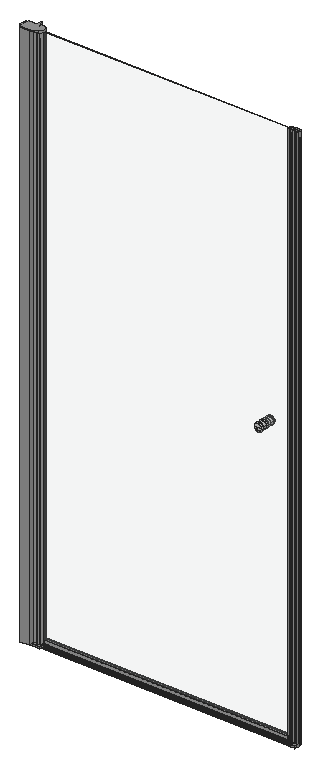
Revit family "Sanitary_Shower-screens_Duscholux_Giro_Pivot-door-shower", category Plumbing Fixtures, Revit 2016
Family settings
  Part Type = Normal
  Round Connector Dimension = Use Diameter
  OmniClass Number = 23.45.00.00
  OmniClass Title = Sanitary, Laundry, and Cleaning Equipment
  Work Plane-Based = No
  Always vertical = Yes
  Cut with Voids When Loaded = No
  Shared = No
  Room Calculation Point = No
Parameters (values of type "Shiny silver Finish")
  Width = 900 mm
  Uniclass 2015 Description = "Shower Enclosures"
  Uniclass 2015 Code = "PR-40-20-06-79"
  URL = "http://www.duscholux.es/"
  UNSPSC Code = "30181507"
  Thickness Glass = 5 mm  # constant formula
  Technical Inspection Certificate (Applus) = "http://www.duscholux.es/resources/custom/var/APPLUS_en.pdf"
  Series = "Plus Evolution Giro"
  Region South America = "Consult"
  Region Oceania = "Consult"
  Region North America = "Consult"
  Region Middle East = "Consult"
  Region Europe = "AD, ES, FR, PT"
  Region Asia = "Consult"
  Region Antartica = "Consult"
  Region Africa = "Consult"
  Ref. = "7UI / 7UD"
  Products = "http://www.duscholux.es/mamparas_filtro.aspx?es"
  Product group = "Front for shower"
  Product family = "Plus Evolution Giro"
  Opening System Image = "http://blob.duscholux.es/pluma512/FDIzq1pabatible180.gif"
  Opening System = "Pivot Door"
  Opening angle = 0.00°
  Net Weight (Kg) = 20
  NBS Reference Description = "Shower Enclosures"
  NBS Reference Code = "45-35-70"
  Model = ""
  Min Max Width = if(Width < 500 mm, 500 mm, if(Width > 1100 mm, 1100 mm, Width))  # 900 mm
  Max Height = if(Height > 2000 mm, 2000 mm, Height)  # 1800 mm
  Manufacturer name = "Duscholux Ibérica, S.A."
  Manufacturer country = "Spain"
  Maintenance and Cleaning = "http://www.duscholux.es/mamparas_limpieza.aspx?en"
  Image = "http://www.duscholux.es/resources/custom/img/mamparas/PLUS%20EVOLUTION%20GIRO/modelos/1F1PFDA/mampara_h.jpg"
  IFC Classification = "Furnishing Element"
  Height = 1800 mm
  Handle Material = Matt Silver Aluminium Finish
  Handle Height = Max Height / 2  # 900 mm
  Glass in Building UNE EN 12150 = "CE Conformity marking"
  Glass Material = Glass_Material-Duscholux
  Frame Material = Shiny Silver  Aluminium Finish
  Fact Sheet = "http://blob.duscholux.es/enpdf2018/Giro1PFD.pdf"
  Manufacturer = "Duscholux Ibérica, S.A."
  Environmental Management ISO 14001 = "ECOEMBES Certificate"
  Edition number = "1"
  Door aperture = Min Max Width - 21 mm - 56.6 mm  # 822.4 mm
  Design country = "Spain / Germany"
  Description = "Front 1 pivot door at 180° for shower"
  Date of publishing = ""
  Assembly Code = "C1030200"
  Configuration enclosure = "http://configuratumampara.duscholux.es/eCatalogo.aspx"
  Components = "Eropean components"
  Type Comments = ""
  Combinations = "Lateral 90° / Lateral180°"
  Certified Quality UNE EN 14428 = "http://www.duscholux.es/duscholux_downloads.aspx?es"
  COBIe Type Category = ""
  Brand = "Duscholux"
  Accesories Material = Plastic, Gray
Types (4, lengths in mm): name | Width | Min Max Width | Max Height | Height | Handle Material | Handle Height | Frame Material | Door aperture | Accesories Material
  (no name) | 900 | 900 | 1800 | 1800 | Matt Silver Aluminium Finish | 900 | Shiny Silver  Aluminium Finish | 822.4 | Plastic, Gray
  Shiny silver Finish | 900 | 900 | 1800 | 1800 | Matt Silver Aluminium Finish | 900 | Shiny Silver  Aluminium Finish | 822.4 | Plastic, Gray
  White Aluminium Finish | 850 | 850 | 1800 | 1800 | White Finish | 900 | White Aluminium Finish | 772.4 | White Finish
  Silver Matt Aluminium Finish | 1400 | 1100 | 2000 | 2000 | Matt Silver Aluminium Finish | 1000 | Matt Silver Aluminium Finish | 1022.4 | Plastic, Gray
Reference planes
  plane 1 "Centro (Frontal/Posterior)": y = 0
  plane 2: z = 0
  plane 3 "Centro (Izquierda/Derecha)": x = 0
  plane 4: x = 56.584
  plane 5: z = 1800
  plane 6: x = 900
  plane 7: z = 900
  plane 8: z = 0
  plane 9: z = 8
  plane 10: y = -15.3
  plane 11: x = 879
  plane 12: z = 1796
Forms (mm)
  Extrusion 1, solid, material "Glass_Material-Duscholux" <- "Glass Material"
    sketch origin (59.749, 15.3, 0) x (1, 0, 0) y (0, 1, 0)
      loop
        line (-0.257, -12.8) -> (-0.257, -17.8) -> (810.851, -17.8) -> (810.851, -12.8) -> (-0.257, -12.8)
    from 8 to 1792
  Extrusion 2, solid, material "Shiny Silver  Aluminium Finish" <- "Frame Material"
    sketch origin (-940.158, -579.127, 0) x (1, 0, 0) y (0, 1, 0)
      loop
        line (942.91, 587.017) -> (971.16, 587.017) -> (971.16, 588.517) -> (940.158, 588.517) -> (940.158, 587.017) -> (941.408, 587.017) -> (941.408, 566.817) -> (940.158, 566.817) -> (940.158, 565.317) -> (971.16, 565.317) -> (971.16, 566.817) -> (942.91, 566.817) -> (942.91, 587.017)
    from 0 to 1792
  Extrusion 3, solid, material "Shiny Silver  Aluminium Finish" <- "Frame Material"
    sketch origin (-390.95, 0.5, 0) x (1, 0, 0) y (0, 1, 0)
      loop
        line (1290.95, 3.5) -> (1278.95, 3.5) -> (1278.95, -4.5) -> (1290.95, -4.5) -> (1290.95, 3.5)
      loop
        line (1280.45, -3) -> (1289.45, -3) -> (1289.45, 2) -> (1280.45, 2) -> (1280.45, -3)
    from 0 to 1792
  Extrusion 4, solid, material "Plástico, transparente"
    sketch origin (-390.95, 0.5, 0) x (1, 0, 0) y (0, 1, 0)
      loop
        arc (1274.458, 6.25) -> (1271.362, 5.707) -> (1269.95, 2.898) r 3.5
        line (1269.95, 2.898) -> (1269.95, -3.898)
        arc (1269.95, -3.898) -> (1271.362, -6.707) -> (1274.458, -7.25) r 3.5
        line (1274.458, -7.25) -> (1279.376, -5.771) -> (1285.217, -5.771)
        arc (1285.217, -5.771) -> (1286.098, -5.396) -> (1286.436, -4.5) r 1.22
        line (1286.436, -4.5) -> (1278.95, -4.5) -> (1278.95, 3.5) -> (1286.436, 3.5)
        arc (1286.436, 3.5) -> (1286.098, 4.396) -> (1285.217, 4.771) r 1.22
        line (1285.217, 4.771) -> (1279.376, 4.771) -> (1274.458, 6.25)
    from 0 to 1792
  Extrusion 5, solid, material "Shiny Silver  Aluminium Finish" <- "Frame Material"
    sketch origin (36.988, 0, 0) x (1, 0, 0) y (0, 1, 0)
      loop
        line (32.341, 4.857) -> (24.744, 8.929)
        arc (24.744, 8.929) -> (9.363, 0.084) -> (24.744, -8.76) r 10.234
        line (24.744, -8.76) -> (32.341, -4.689) -> (32.341, -3.689) -> (22.503, -3.689) -> (22.503, 3.857) -> (32.341, 3.857) -> (32.341, 4.857)
      loop
        circle (19.596, 0.084) r 1.482
    from 0 to 1792
  Extrusion 6, solid, material "Shiny Silver  Aluminium Finish" <- "Frame Material"
    sketch origin (-147.769, -645.801, 0) x (1, 0, 0) y (0, 1, 0)
      loop
        line (182.621, 656.691) -> (156.121, 656.691) -> (156.121, 655.191) -> (181.251, 655.191) -> (181.251, 631.991) -> (154.321, 631.991) -> (154.321, 624.931) -> (187.171, 624.931) -> (187.171, 633.301) -> (190.62, 633.301) -> (196.125, 639.801)
        arc (196.125, 639.801) -> (194.12, 645.786) -> (196.009, 651.809) r 10.234
        line (196.009, 651.809) -> (190.62, 659.801) -> (190.62, 660.824) -> (188.993, 670.05) -> (186.271, 674.341) -> (182.621, 674.341) -> (182.621, 656.691)
    from 0 to 1792
  Extrusion 7, solid, material "Plástico, transparente"
    sketch origin (197.351, -62.856, 0) x (1, 0, 0) y (0, 1, 0)
      loop
        line (668.212, 65.711) -> (673.249, 65.711) -> (673.249, 60.001) -> (668.212, 60.001) -> (668.212, 59.001) -> (672.536, 59.001)
        arc (672.536, 59.001) -> (676.014, 56.681) -> (680.196, 56.63) r 7.362
        arc (680.196, 56.63) -> (681.247, 57.346) -> (681.649, 58.553) r 1.989
        line (681.649, 58.553) -> (681.649, 67.159)
        arc (681.649, 67.159) -> (681.24, 68.371) -> (680.18, 69.087) r 2
        arc (680.18, 69.087) -> (676.006, 69.031) -> (672.536, 66.711) r 7.349
        line (672.536, 66.711) -> (668.212, 66.711) -> (668.212, 65.711)
    from 0 to 1792
  Extrusion 8, solid, material "Plastic, Gray" <- "Accesories Material"
    sketch origin (0, 0, 0) x (1, 0, 0) y (0, 1, 0)
      loop
        line (900, 4) -> (888, 4) -> (888, -4) -> (900, -4) -> (900, 4)
    from 1792 to 1796
  Extrusion 9, solid, material "Shiny Silver  Aluminium Finish" <- "Frame Material", detail levels medium+fine
    sketch origin (0, 32.415, 0) x (0, 1, 0) y (0, 0, 1)
      loop
        line (-48.975, 0) -> (-39.375, 0) -> (-39.375, 3)
        arc (-39.375, 3) -> (-39.96, 4.414) -> (-41.375, 5) r 2
        line (-41.375, 5) -> (-46.975, 5)
        arc (-46.975, 5) -> (-48.389, 4.414) -> (-48.975, 3) r 2
        line (-48.975, 3) -> (-48.975, 0)
    from 69.329 to 886
  Extrusion 10, solid, material "Plastic, Gray" <- "Accesories Material", detail levels medium+fine
    sketch origin (0, 0, 0) x (1, 0, 0) y (0, 1, 0)
      loop
        line (39.402, -18) -> (69.329, -18) -> (69.329, -4.689) -> (61.425, -8.932)
        arc (61.425, -8.932) -> (54.344, -9.901) -> (48.356, -6) r 10.234
        line (48.356, -6) -> (42.851, -12.5) -> (39.402, -12.5) -> (39.402, -18)
    from 0 to 6
  Extrusion 11, solid, material "Plastic, Gray" <- "Accesories Material", detail levels medium+fine
    sketch origin (0, 0, 0) x (1, 0, 0) y (0, 1, 0)
      loop
        arc (888.886, -5.45) -> (888.461, -6.475) -> (887.436, -6.9) r 1.45
        line (887.436, -6.9) -> (886, -6.9) -> (886, -18) -> (898, -18)
        arc (898, -18) -> (899.414, -17.414) -> (900, -16) r 2
        line (900, -16) -> (900, -4) -> (888.886, -4) -> (888.886, -5.45)
    from 0 to 6
  Extrusion 12, solid, material "Plastic, Gray" <- "Accesories Material"
    sketch origin (-183.4, 0, 0) x (1, 0, 0) y (0, 1, 0)
      loop
        line (191.752, 10.89) -> (191.752, 9.29) -> (183.4, 9.29) -> (183.4, -13.71) -> (189.952, -13.71) -> (189.952, -20.87) -> (222.393, -20.87) -> (244.738, -12.738)
        arc (244.738, -12.738) -> (253.657, 0) -> (244.738, 12.738) r 13.555
        line (244.738, 12.738) -> (225.413, 19.771) -> (224.624, 24.249) -> (221.902, 28.54) -> (218.252, 28.54) -> (218.252, 10.89) -> (191.752, 10.89)
    from 1792 to 1796
Lines and regions (mm)
  reference lines
    curve 1: line (56.584, 0, 0) -> (878.984, 0, 0)
  symbolic lines
    curve 2: line (56.584, 0, 0) -> (56.584, 822.4, 0)
    curve 3: line (56.584, 0, 0) -> (56.584, -822.4, 0)
    curve 4: arc (56.584, 822.4, 0) -> (878.984, 0, 0) -> (56.584, -822.4, 0) r 822.4
Dimensions and locks
  locked: plane 3 "Centro (Izquierda/Derecha)" to plane 4 at 56.584
  "Thickness Glass": Extrusion 1 to Extrusion 1
  plane 9 to level = 8 mm
  "Max Height": plane 5 to level
  "Min Max Width": plane 3 "Centro (Izquierda/Derecha)" to plane 6
  "Handle Height": plane 7 to level
  locked: plane 3 "Centro (Izquierda/Derecha)" to Extrusion 2 at 31.002
  locked: plane 11 to plane 6 at 21
  "Door aperture": curve 1 to curve 1
  locked: plane 5 to Extrusion 1 at 8
  locked: plane 5 to plane 12 at 4
  locked: nested 2 to Extrusion 1 at 85
  "Door aperture": curve 2 to curve 2
  locked: Extrusion 11 to plane 6 at 14
  "Opening angle": angle curve 1 to plane 1 "Centro (Frontal/Posterior)"
  aligned and locked: level to plane 2
  aligned and locked: plane 1 "Centro (Frontal/Posterior)" to curve 1
  aligned and locked: Extrusion 1 to plane 9
  aligned and locked: Extrusion 1 to Extrusion 2
  aligned and locked: Extrusion 4 to Extrusion 1
  aligned and locked: Extrusion 3 to Extrusion 1
  aligned and locked: Extrusion 1 to Extrusion 5  (x2)
  aligned and locked: Extrusion 2 to plane 3 "Centro (Izquierda/Derecha)"
  aligned and locked: Extrusion 6 to Extrusion 1
  aligned and locked: Extrusion 5 to nested 1
  aligned and locked: Extrusion 1 to Extrusion 7
  aligned and locked: nested 1 to Extrusion 7
  aligned and locked: Extrusion 7 to Extrusion 1
  aligned and locked: Extrusion 8 to Extrusion 3
  aligned and locked: plane 12 to Extrusion 8
  aligned and locked: nested 2 to plane 7
  aligned and locked: plane 7 to nested 3
  aligned and locked: nested 2 to nested 3
  aligned and locked: Extrusion 10 to plane 8
  aligned and locked: Extrusion 9 to Extrusion 10
  aligned and locked: Extrusion 11 to level
  aligned and locked: Extrusion 11 to Extrusion 10
  aligned and locked: Extrusion 9 to Extrusion 11
  aligned and locked: Extrusion 11 to Extrusion 3
  aligned and locked: Extrusion 12 to Extrusion 1
  aligned and locked: plane 12 to Extrusion 12
Automatic sketch dimensions
  curve 1 to Extrusion 1 sketch curve = 2.907 mm
  curve 1 to Extrusion 1 sketch curve = 2.5 mm
  Extrusion 1 sketch curve to curve 1 = 8.384 mm
  Extrusion 1 sketch curve to curve 1 = 2.5 mm
  Extrusion 2 sketch curve to plane 3 "Centro (Izquierda/Derecha)" = 0 mm  (x2)
  plane 3 "Centro (Izquierda/Derecha)" to Extrusion 2 sketch curve = 1.25 mm
  Extrusion 2 sketch curve to Extrusion 2 sketch curve = 1.502 mm
  Extrusion 2 sketch curve to plane 10 = 1.49 mm
  plane 4 to Extrusion 2 sketch curve = 25.583 mm
  Extrusion 2 sketch curve to plane 1 "Centro (Frontal/Posterior)" = 9.39 mm
  Extrusion 2 sketch curve to Extrusion 2 sketch curve = 0 mm
  Extrusion 2 sketch curve to Extrusion 2 sketch curve = 1.5 mm  (x4)
  Extrusion 3 sketch curve to plane 6 = 0 mm
  Extrusion 3 sketch curve to plane 6 = 1.5 mm
  plane 1 "Centro (Frontal/Posterior)" to Extrusion 3 sketch curve = 2.5 mm
  Extrusion 3 sketch curve to Extrusion 3 sketch curve = 9 mm
  Extrusion 3 sketch curve to Extrusion 3 sketch curve = 1.5 mm  (x3)
  Extrusion 3 sketch curve to plane 1 "Centro (Frontal/Posterior)" = 2.5 mm
  Extrusion 4 sketch curve to plane 11 = 0 mm
  Extrusion 4 sketch curve to Extrusion 4 sketch curve = 3.5 mm  (x2)
  Extrusion 4 sketch curve to Extrusion 4 sketch curve = 1.008 mm  (x2)
  Extrusion 4 sketch curve to Extrusion 4 sketch curve = 4.492 mm
  Extrusion 4 sketch curve to Extrusion 4 sketch curve = 0.425 mm  (x2)
  Extrusion 4 sketch curve to plane 6 = 5.734 mm  (x2)
  Extrusion 4 sketch curve to plane 1 "Centro (Frontal/Posterior)" = 4.051 mm
  Extrusion 4 sketch curve to Extrusion 4 sketch curve = 1.219 mm  (x2)
  Extrusion 4 sketch curve to Extrusion 4 sketch curve = 0.051 mm  (x2)
  Extrusion 4 sketch curve to plane 1 "Centro (Frontal/Posterior)" = 3.398 mm
  plane 1 "Centro (Frontal/Posterior)" to Extrusion 4 sketch curve = 3.398 mm
  plane 1 "Centro (Frontal/Posterior)" to Extrusion 4 sketch curve = 4 mm
  Extrusion 5 sketch curve to Extrusion 5 sketch curve = 0 mm  (x3)
  Extrusion 5 sketch curve to curve 1 = 0 mm
  curve 1 to Extrusion 5 sketch curve = 0.084 mm
  curve 1 to Extrusion 5 sketch curve = 2.907 mm
  curve 1 to Extrusion 5 sketch curve = 5.148 mm  (x2)
  curve 1 to Extrusion 5 sketch curve = 3.689 mm
  Extrusion 5 sketch curve to Extrusion 5 sketch curve = 7.597 mm
  Extrusion 5 sketch curve to Extrusion 5 sketch curve = 1 mm  (x2)
  Extrusion 5 sketch curve to curve 1 = 8.76 mm
  Extrusion 5 sketch curve to curve 1 = 3.857 mm
  Extrusion 6 sketch curve to plane 4 = 0 mm
  plane 4 to Extrusion 6 sketch curve = 8.229 mm
  Extrusion 6 sketch curve to plane 1 "Centro (Frontal/Posterior)" = 6.008 mm
  plane 4 to Extrusion 6 sketch curve = 8.345 mm
  Extrusion 6 sketch curve to plane 10 = 2.8 mm
  Extrusion 6 sketch curve to Extrusion 6 sketch curve = 5.505 mm
  Extrusion 6 sketch curve to Extrusion 6 sketch curve = 5.389 mm
  Extrusion 6 sketch curve to Extrusion 6 sketch curve = 1.627 mm
  Extrusion 6 sketch curve to Extrusion 6 sketch curve = 3.449 mm
  Extrusion 6 sketch curve to Extrusion 6 sketch curve = 2.722 mm
  Extrusion 6 sketch curve to Extrusion 6 sketch curve = 7.999 mm
  Extrusion 6 sketch curve to Extrusion 6 sketch curve = 1.37 mm
  plane 3 "Centro (Izquierda/Derecha)" to Extrusion 6 sketch curve = 8.352 mm
  plane 3 "Centro (Izquierda/Derecha)" to Extrusion 6 sketch curve = 6.552 mm
  Extrusion 6 sketch curve to plane 10 = 1.49 mm
  plane 10 to Extrusion 6 sketch curve = 5.57 mm
  plane 1 "Centro (Frontal/Posterior)" to Extrusion 6 sketch curve = 6 mm
  Extrusion 6 sketch curve to plane 1 "Centro (Frontal/Posterior)" = 9.39 mm
  Extrusion 6 sketch curve to Extrusion 6 sketch curve = 1.5 mm
  Extrusion 6 sketch curve to Extrusion 6 sketch curve = 3.11 mm
  Extrusion 6 sketch curve to Extrusion 6 sketch curve = 1.023 mm
  Extrusion 6 sketch curve to Extrusion 6 sketch curve = 9.227 mm
  Extrusion 6 sketch curve to Extrusion 6 sketch curve = 4.291 mm
  Extrusion 7 sketch curve to curve 1 = 2.855 mm
  Extrusion 7 sketch curve to curve 1 = 13.421 mm
  curve 1 to Extrusion 7 sketch curve = 3.855 mm
  Extrusion 7 sketch curve to Extrusion 7 sketch curve = 0 mm
  Extrusion 7 sketch curve to Extrusion 7 sketch curve = 4.323 mm  (x2)
  Extrusion 7 sketch curve to Extrusion 7 sketch curve = 0.714 mm
  curve 1 to Extrusion 7 sketch curve = 0.843 mm
  Extrusion 7 sketch curve to curve 1 = 3.446 mm
  Extrusion 7 sketch curve to curve 1 = 0.857 mm
  Extrusion 7 sketch curve to Extrusion 7 sketch curve = 0.004 mm
  Extrusion 7 sketch curve to curve 1 = 1.984 mm
  Extrusion 7 sketch curve to curve 1 = 1.974 mm
  curve 1 to Extrusion 7 sketch curve = 0.016 mm
  Extrusion 7 sketch curve to curve 1 = 4.303 mm  (x2)
  Extrusion 7 sketch curve to Extrusion 7 sketch curve = 0.008 mm
  Extrusion 7 sketch curve to Extrusion 7 sketch curve = 1 mm  (x2)
  Extrusion 8 sketch curve to plane 6 = 0 mm
  Extrusion 8 sketch curve to plane 1 "Centro (Frontal/Posterior)" = 4 mm
  plane 11 to Extrusion 8 sketch curve = 9 mm
  plane 1 "Centro (Frontal/Posterior)" to Extrusion 8 sketch curve = 4 mm
  Extrusion 9 sketch curve to level = 0 mm
  plane 10 to Extrusion 9 sketch curve = 1.259 mm
  Extrusion 9 sketch curve to plane 10 = 0.741 mm
  Extrusion 9 sketch curve to Extrusion 9 sketch curve = 5.6 mm
  Extrusion 9 sketch curve to Extrusion 9 sketch curve = 2 mm
  level to Extrusion 9 sketch curve = 3 mm
  Extrusion 10 sketch curve to plane 4 = 0 mm
  plane 4 to Extrusion 10 sketch curve = 8.229 mm
  Extrusion 10 sketch curve to plane 10 = 2.8 mm
  Extrusion 10 sketch curve to Extrusion 10 sketch curve = 5.505 mm
  plane 10 to Extrusion 10 sketch curve = 2.7 mm
  Extrusion 10 sketch curve to Extrusion 10 sketch curve = 3.449 mm
  Extrusion 10 sketch curve to plane 4 = 4.841 mm
  Extrusion 10 sketch curve to Extrusion 10 sketch curve = 7.904 mm
  Extrusion 10 sketch curve to plane 10 = 6.368 mm
  plane 1 "Centro (Frontal/Posterior)" to Extrusion 10 sketch curve = 6 mm
  plane 1 "Centro (Frontal/Posterior)" to Extrusion 10 sketch curve = 4.689 mm
  Extrusion 11 sketch curve to plane 6 = 0 mm
  plane 10 to Extrusion 11 sketch curve = 0.7 mm
  Extrusion 11 sketch curve to Extrusion 11 sketch curve = 2 mm
  plane 11 to Extrusion 11 sketch curve = 9.886 mm
  Extrusion 11 sketch curve to Extrusion 11 sketch curve = 1.45 mm  (x2)
  plane 11 to Extrusion 11 sketch curve = 7 mm
  plane 1 "Centro (Frontal/Posterior)" to Extrusion 11 sketch curve = 6.9 mm
  Extrusion 12 sketch curve to plane 3 "Centro (Izquierda/Derecha)" = 0 mm
  Extrusion 12 sketch curve to Extrusion 12 sketch curve = 6.552 mm
  Extrusion 12 sketch curve to Extrusion 12 sketch curve = 8.352 mm
  Extrusion 12 sketch curve to Extrusion 12 sketch curve = 26.5 mm
  Extrusion 12 sketch curve to Extrusion 12 sketch curve = 3.65 mm
  Extrusion 12 sketch curve to Extrusion 12 sketch curve = 4.142 mm
  Extrusion 12 sketch curve to Extrusion 12 sketch curve = 2.722 mm
  Extrusion 12 sketch curve to Extrusion 12 sketch curve = 0.79 mm
  Extrusion 12 sketch curve to Extrusion 12 sketch curve = 21.85 mm
  Extrusion 12 sketch curve to Extrusion 12 sketch curve = 4.636 mm  (x2)
  plane 1 "Centro (Frontal/Posterior)" to Extrusion 12 sketch curve = 20.87 mm
  Extrusion 12 sketch curve to Extrusion 12 sketch curve = 7.16 mm
  Extrusion 12 sketch curve to Extrusion 12 sketch curve = 8.133 mm
  Extrusion 12 sketch curve to Extrusion 12 sketch curve = 12.738 mm
  Extrusion 12 sketch curve to Extrusion 12 sketch curve = 23 mm
  Extrusion 12 sketch curve to Extrusion 12 sketch curve = 1.6 mm
  Extrusion 12 sketch curve to Extrusion 12 sketch curve = 8.881 mm
  Extrusion 12 sketch curve to Extrusion 12 sketch curve = 4.478 mm
  Extrusion 12 sketch curve to Extrusion 12 sketch curve = 4.291 mm
  curve 2 to plane 4 = 0 mm
  plane 1 "Centro (Frontal/Posterior)" to curve 3 = 0 mm
  plane 1 "Centro (Frontal/Posterior)" to curve 4 = 0 mm
  curve 1 to plane 4 = 0 mm
  radius of Extrusion 5 sketch curve = 1.482 mm
Nested families
  nested 1: "Lower-Guide" at (69.329, 0, 8), type "Lower-Guide", detail levels fine
    with built-in parameter 1001306 2.6123 (stored number, unit not read)
  nested 2: "Handle" at (785.6, -2.5, 900) x (1, 0, 0) z (0, -1, 0), type "Handle", detail levels medium+fine
  nested 3: "Handle" at (785.6, 2.5, 900) x (1, 0, 0) z (0, 1, 0), type "Handle", detail levels medium+fine
Definition of nested family "Lower-Guide"
  Parameters (values of type "2353MA")
    built-in parameter 1001306 [instance] = 500 mm
  Reference planes
    plane 1 "Centro (Frontal/Posterior)": y = 0
    plane 2: z = 0
    plane 3 "Izquierda": x = 0
    plane 4 "Derecha": x = 500
    plane 5: z = 0
  Forms (mm)
    Extrusion 1, solid
      sketch origin (0, 0, 0) x (0, 1, 0) y (0, 0, 1)
        loop
          line (-4.2, 0) -> (-3, 12) -> (-4.5, 12) -> (-5.692, 0.15)
          arc (-5.692, 0.15) -> (-5.345, -0.968) -> (-4.3, -1.497) r 1.5
          line (-4.3, -1.497) -> (-4.3, -5.874)
          arc (-4.3, -5.874) -> (-3.9, -6.274) -> (-3.5, -5.874) r 0.4
          line (-3.5, -5.874) -> (-3.5, -1.5) -> (3.5, -1.5) -> (3.5, -7.653)
          arc (3.5, -7.653) -> (3.9, -8.053) -> (4.3, -7.653) r 0.4
          line (4.3, -7.653) -> (4.3, -1.508) -> (5.754, -1.508) -> (11.976, -3.947)
          arc (11.976, -3.947) -> (12.62, -3.771) -> (12.515, -3.111) r 0.5
          line (12.515, -3.111) -> (9.056, -1.58)
          arc (9.056, -1.58) -> (6.398, 0.585) -> (5.211, 3.802) r 6.5
          line (5.211, 3.802) -> (4.5, 12) -> (3, 12) -> (4.2, 0) -> (-4.2, 0)
      from 0 to 500
  Lines and regions (mm)
    reference lines
      curve 1: line (0, 0, 0) -> (500, 0, 0)
  Dimensions and locks
    "built-in parameter 1001306": plane 3 "Izquierda" to plane 4 "Derecha"
    aligned and locked: plane 4 "Derecha" to curve 1
    aligned and locked: plane 1 "Centro (Frontal/Posterior)" to curve 1
    aligned and locked: plane 3 "Izquierda" to curve 1
    aligned and locked: level to plane 2
    aligned and locked: plane 4 "Derecha" to Extrusion 1
  Automatic sketch dimensions
    Extrusion 1 sketch curve to level = 0 mm  (x2)
    Extrusion 1 sketch curve to Extrusion 1 sketch curve = 0.4 mm  (x3)
    Extrusion 1 sketch curve to Extrusion 1 sketch curve = 0 mm  (x2)
    Extrusion 1 sketch curve to Extrusion 1 sketch curve = 1.5 mm  (x2)
    Extrusion 1 sketch curve to Extrusion 1 sketch curve = 1.454 mm
    Extrusion 1 sketch curve to level = 1.58 mm
    Extrusion 1 sketch curve to Extrusion 1 sketch curve = 3.301 mm
    level to Extrusion 1 sketch curve = 4.364 mm
    Extrusion 1 sketch curve to Extrusion 1 sketch curve = 2.632 mm
    Extrusion 1 sketch curve to level = 3.947 mm
    Extrusion 1 sketch curve to Extrusion 1 sketch curve = 2.921 mm
    Extrusion 1 sketch curve to Extrusion 1 sketch curve = 0.224 mm
    Extrusion 1 sketch curve to level = 3.111 mm
    Extrusion 1 sketch curve to Extrusion 1 sketch curve = 0.315 mm
    Extrusion 1 sketch curve to level = 5.874 mm
    Extrusion 1 sketch curve to Extrusion 1 sketch curve = 1.778 mm
    Extrusion 1 sketch curve to level = 1.508 mm
    Extrusion 1 sketch curve to level = 1.5 mm
    Extrusion 1 sketch curve to Extrusion 1 sketch curve = 0.003 mm
    level to Extrusion 1 sketch curve = 12 mm
    level to Extrusion 1 sketch curve = 0.15 mm
    plane 1 "Centro (Frontal/Posterior)" to Extrusion 1 sketch curve = 3 mm
    plane 1 "Centro (Frontal/Posterior)" to Extrusion 1 sketch curve = 3.5 mm
    Extrusion 1 sketch curve to Extrusion 1 sketch curve = 0.1 mm  (x2)
    Extrusion 1 sketch curve to plane 1 "Centro (Frontal/Posterior)" = 3 mm
    Extrusion 1 sketch curve to plane 1 "Centro (Frontal/Posterior)" = 3.5 mm
    Extrusion 1 sketch curve to Extrusion 1 sketch curve = 0.799 mm
    level to Extrusion 1 sketch curve = 3.802 mm
Definition of nested family "Handle"
  Parameters (values of type "Handle-Gravity")
    Handle Material = none
    Default Elevation = 1219.2 mm
  Reference planes
    plane 1 "Centro (Frontal/Posterior)": y = 0
    plane 2: z = 0
    plane 3 "Centro (Izquierda/Derecha)": x = 0
  Forms (mm)
    Extrusion 1, solid
      sketch origin (0, 0, 0) x (1, 0, 0) y (0, 1, 0)
        loop
          line (-1219.2, 1219.2) -> (-1219.2, -1219.2) -> (1219.2, -1219.2) -> (1219.2, 1219.2) -> (-1219.2, 1219.2)
      from 0 to -304.8
    Revolve 2, solid, material <- "Handle Material"
      sketch origin (-255.555, 0, -108.84) x (1, 0, 0) y (0, 0, 1)
        loop
          arc (255.555, 132.84) -> (249.874, 132.609) -> (244.231, 131.918) r 70
          arc (244.231, 131.918) -> (243.027, 131.235) -> (242.555, 129.934) r 2
          line (242.555, 129.934) -> (242.555, 127.939) -> (244.555, 127.403) -> (244.555, 113.44) -> (242.555, 112.904) -> (242.555, 108.84) -> (255.555, 108.84) -> (255.555, 132.84)
        axis (255.555, 132.84) -> (255.555, 108.84)
      angle from 0 to 360
  Dimensions and locks
    aligned and locked: plane 2 to Extrusion 1
    aligned and locked: level to Extrusion 1
